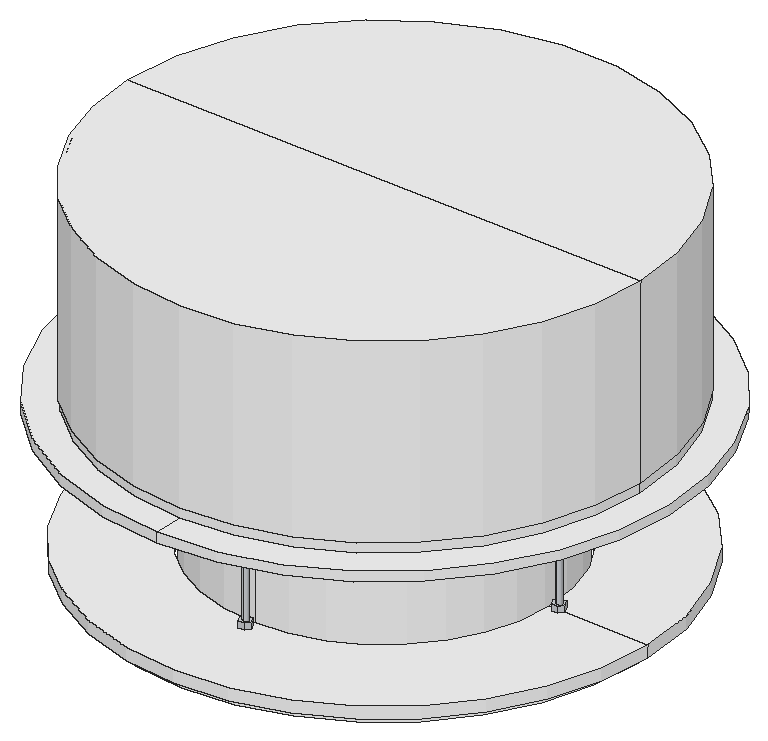
Revit family "R1200-JD-M-G5H-W31H4", category Plumbing Fixtures, host Face, Revit 2026
Family settings
  Host = Face
  Round Connector Dimension = Use Radius
  Part Type = Normal
  Enable Cutting in Views = No
  Cut with Voids When Loaded = No
  Maintain Annotation Orientation = No
  Shared = No
  Room Calculation Point = No
Parameters (values of type "R1202,3,4-JD-M-G5H-W31H4 _4" Drain Pipe Size")
  WFU = 0
  URL = "WWW.MIFAB.COM"
  Pipe Radius = Pipe Diameter / 2  # 0' - 2"
  Pipe Diameter = 0' - 4"
  No Hub Standard Height = 0' - 6 1/2"
  Model = "R1202,3,4-JD-M-G5H-W31H4"
  Manufacturer = "MIFAB"
  Floor Drain Material = Paint - Sherwin Williams Paint - #952C2A - Bellwood Red
  Description = "LARGE GREEN ROOF DRAIN WITH PERFORATED S.S. 5\" HIGH BALLAST GUARD, ABS STANDPIPE AND REMOVABLE COVER WITH LIFT HANDLE"
  Default Elevation = 0' - 0"
  CWFU = 0
  Bottom Height = 0' - 3 1/2"
  Assembly Code = ""
Types (7): name | Pipe Radius | Pipe Diameter | No Hub Standard Height | Model
  (no name) | 0' - 2" | 0' - 4" | 0' - 6 1/2" | "R1202,3,4-JD-M-G5H-W31H4"
  R1205,6-JD-M-G5H-W31H4 _6" Drain Pipe Size | 0' - 3" | 0' - 6" | 0' - 6 1/2" | "R1205,6-JD-M-G5H-W31H4"
  R1208-JD-M-G5H-W31H4_8" Drain Pipe Size | 0' - 4" | 0' - 8" | 0' - 6 1/2" | "R1208-JD-M-G5H-W31H4"
  R1205,6-JD-M-G5H-W31H4 _5" Drain Pipe Size | 0' - 2 1/2" | 0' - 5" | 0' - 6 3/4" | "R1205,6-JD-M-G5H-W31H4"
  R1202,3,4-JD-M-G5H-W31H4 _4" Drain Pipe Size | 0' - 2" | 0' - 4" | 0' - 6 1/2" | "R1202,3,4-JD-M-G5H-W31H4"
  R1202,3,4-JD-M-G5H-W31H4 _3" Drain Pipe Size | 0' - 1 1/2" | 0' - 3" | 0' - 6 1/2" | "R1202,3,4-JD-M-G5H-W31H4"
  R1202,3,4-JD-M-G5H-W31H4 _2" Drain Pipe Size | 0' - 1" | 0' - 2" | 0' - 6 1/2" | "R1202,3,4-JD-M-G5H-W31H4"
Reference planes (in)
  plane 1 "Center (Front/Back)": y = 0
  plane 2: z = 0
  plane 3 "Center (Left/Right)": x = 0
  plane 4: z = -7.25
  plane 5: z = -3
  plane 6: z = -5
  plane 7: y = -2
  plane 8: y = 2
  plane 9: x = -2.5
  plane 10: x = 2.5
  plane 11: z = 5
  plane 12: x = 7.5
  plane 13: x = -7.5
  plane 14: y = 7.5
  plane 15: y = -7.5
  plane 16: z = -5.14286
  plane 17: z = -0.25
  plane 18: z = -6.5
  plane 19: y = 3.75
  plane 20: y = -3.75
  plane 21: y = 4.8125
  plane 22: y = -4.8125
  plane 23: x = 6.23869
  plane 24: x = 6.75
  plane 25: x = -6.75
  plane 26: z = 4.5
  plane 27: z = -3.5
  plane 28: z = -4.26379
  plane 29: z = 4
Forms (in)
  Revolve 1, solid, material "Paint - Sherwin Williams Paint - #952C2A - Bellwood Red" <- "Floor Drain Material"
    sketch origin (0, 0.04396, -2.375) x (0, 1, 0) y (0, 0, 1)
      loop
        line (-4.16896, 2.375) -> (-7.54396, 2.375) -> (-7.54396, 2.125) -> (-4.85646, 2.125) -> (-4.85646, 1.375) -> (-4.29396, 1.375) -> (-4.29396, -2.0625) -> (-2.04396, -2.0625) -> (-2.04396, -4.125) -> (-1.79396, -4.125) -> (-1.79396, -1.8125) -> (-3.66896, -1.8125) -> (-3.66896, -0.625) -> (-4.16896, -0.625) -> (-4.16896, 2.375)
      axis (-0.04396, 2.375) -> (-0.04396, -4.125)
    angle from 0 to 360
  Revolve 2, solid, material "Paint - Sherwin Williams Paint - #952C2A - Bellwood Red" <- "Floor Drain Material"
    sketch origin (0, 0, 7.5) x (1, 0, 0) y (0, 0, 1)
      loop
        line (6.75, -2.5) -> (0, -2.5) -> (0, -2.56366) -> (6.68634, -2.56366) -> (6.68634, -7.25) -> (6.75, -7.25) -> (6.75, -2.5)
      axis (0, -7.25) -> (0, -2.5)
    angle from 0 to 360
  Revolve 3, solid, material "Paint - Sherwin Williams Paint - #952C2A - Bellwood Red" <- "Floor Drain Material"
    sketch origin (0, 0, 0) x (1, 0, 0) y (0, 0, 1)
      loop
        line (6.72286, 0) -> (6.72286, 0.25) -> (6.46702, 0.25) -> (6.46702, 0.57791) -> (6.17015, 0.57791) -> (6.17015, 0.25) -> (5.47336, 0.25) -> (4.30025, 3.65696)
        arc (4.30025, 3.65696) -> (3.84423, 4.26764) -> (3.11835, 4.5) r 1.25
        line (3.11835, 4.5) -> (0, 4.5) -> (0, 4.25) -> (3.11835, 4.25)
        arc (3.11835, 4.25) -> (3.69905, 4.06412) -> (4.06387, 3.57557) r 1
        line (4.06387, 3.57557) -> (5.20895, 0.25) -> (2.46702, 0.25) -> (2.46702, 0.57791) -> (2.17015, 0.57791) -> (2.17015, 0) -> (6.72286, 0)
      loop
        line (2.13281, 0) -> (2.22396, 4) -> (1.96926, 4) -> (1.96926, 0) -> (2.13281, 0)
      axis (0, 0) -> (0, 4.5)
    angle from 0 to 360
  Revolve 4, solid, material "Paint - Sherwin Williams Paint - #952C2A - Bellwood Red" <- "Floor Drain Material"
    sketch origin (0, 0, 0) x (1, 0, 0) y (0, 0, 1)
      loop
        line (6.9375, -3.5) -> (4.35041, -3.5) -> (4.35041, -4.01379) -> (5.35041, -4.01379) -> (5.35041, -4.26379) -> (5.85041, -4.26379) -> (5.85041, -4.01379) -> (6.6875, -4.01379) -> (6.6875, -3.80633) -> (6.9375, -3.80633) -> (6.9375, -3.5)
      axis (0, -4.26379) -> (0, -3.5)
    angle from 0 to 360
Lines and regions (in)
  model lines, not visible
    curve 1: line (6.7156, 0, 9.07611) -> (12.5156, 0, 9.07611)
    curve 2: line (12.5156, 0, 9.07611) -> (12.5156, 0, 10.82611)
    curve 3: line (12.5156, 0, 10.82611) -> (6.7156, 0, 10.82611)
    curve 4: line (6.7156, 0, 10.82611) -> (6.7156, 0, 9.07611)
    curve 5: line (7.13163, 0, 10.86539) -> (7.13163, 0, 12.86539)
    curve 6: line (7.13163, 0, 12.86539) -> (15.53163, 0, 12.86539)
    curve 7: line (15.53163, 0, 12.86539) -> (15.53163, 0, 10.86539)
    curve 8: line (11.33163, 0, 12.86539) -> (11.33163, 0, 12.36539)
    curve 9: line (0, 28.52778, -10.8585) -> (0, 28.52778, -8.6085)
    curve 10: line (0, 28.52778, -8.6085) -> (0, 21.02778, -8.6085)
    curve 11: line (0, 21.02778, -8.6085) -> (0, 21.02778, -10.8585)
    curve 12: line (0, 24.77778, -8.6085) -> (0, 24.77778, -9.1085)
    curve 13: line (13.30546, 0, 10.44272) -> (13.30546, 0, 12.69272)
    curve 14: line (13.30546, 0, 12.69272) -> (26.80546, 0, 12.69272)
    curve 15: line (26.80546, 0, 12.69272) -> (26.80546, 0, 10.44272)
    curve 16: line (20.05546, 0, 12.69272) -> (20.05546, 0, 13.19272)
Dimensions and locks (in)
  locked: plane 5 to plane 4 at 4.25
  equal spacing: plane 8, plane 1 "Center (Front/Back)", plane 7
  "Pipe Diameter": plane 8 to plane 7
  "Pipe Radius": plane 1 "Center (Front/Back)" to plane 7
  plane 11 to level = 0' - 5"
  plane 13 to plane 3 "Center (Left/Right)" to plane 12 = 0' - 7 1/2" locked, 0' - 7 1/2" locked
  plane 13 to plane 12 = 1' - 3"  (x3)
  plane 15 to plane 1 "Center (Front/Back)" to plane 14 = 0' - 7 1/2" locked, 0' - 7 1/2" locked
  plane 15 to plane 14 = 1' - 3"
  locked: plane 2 to plane 17 at 0.25
  "No Hub Standard Height": plane 2 to plane 18
  equal spacing: plane 19, plane 1 "Center (Front/Back)", plane 20
  plane 19 to plane 20 = 0' - 7 1/2"
  locked: Revolve 1 sketch curve to plane 15 at 2.6875
  plane 21 to plane 22 = 0' - 9 5/8"
  locked: plane 6 to plane 18 at 1.5
  Revolve 1 sketch curve to plane 22 = 0' - 0 9/16"
  locked: plane 11 to plane 2 at 5
  plane 26 to level = 0' - 4 1/2"
  locked: plane 27 to plane 28 at 0.76379
  "Bottom Height": plane 2 to plane 27
  locked: plane 29 to level at 4
  aligned and locked: plane 2 to host face
  aligned and locked: level to host face
  aligned and locked: Revolve 1 sketch curve to plane 18
  aligned and locked: plane 17 to Revolve 1 sketch curve
  aligned and locked: plane 15 to Revolve 1 sketch curve
  aligned and locked: Revolve 2 sketch curve to plane 11
  aligned and locked: plane 3 "Center (Left/Right)" to Revolve 2 sketch curve
  aligned and locked: plane 27 to Revolve 4 sketch curve
  aligned and locked: plane 28 to Revolve 4 sketch curve
  aligned and locked: plane 1 "Center (Front/Back)" to nested 1
  aligned and locked: nested 1 to Revolve 1
  aligned and locked: nested 2 to Revolve 1
  aligned and locked: nested 3 to Revolve 1
  aligned and locked: nested 4 to Revolve 1
  aligned and locked: nested 2 to plane 1 "Center (Front/Back)"
  aligned and locked: plane 3 "Center (Left/Right)" to nested 4
  aligned and locked: plane 3 "Center (Left/Right)" to nested 3
Automatic sketch dimensions
  curve 5 to curve 7 = 0' - 8.4"
  curve 5 to curve 8 = 0' - 4.2"
  curve 5 to curve 5 = 0' - 2"
  curve 7 to curve 6 = 0' - 2"
  curve 8 to curve 8 = 0' - 0 1/2"
  host sketch curve to host sketch curve = 8' - 0"  (x2)
  Revolve 1 sketch curve to plane 5 = 0' - 0"
  Revolve 1 sketch curve to level = 0' - 0"
  plane 20 to Revolve 1 sketch curve = 0' - 0 1/8"
  Revolve 1 sketch curve to plane 7 = 0' - 0"
  Revolve 1 sketch curve to plane 1 "Center (Front/Back)" = 0' - 0"
  Revolve 1 sketch curve to plane 4 = 0' - 0"
  plane 6 to Revolve 1 sketch curve = 0' - 0 9/16"
  Revolve 1 sketch curve to plane 20 = 0' - 0 3/8"
  Revolve 1 sketch curve to plane 7 = 0' - 0 1/4"
  plane 6 to Revolve 1 sketch curve = 0' - 0 13/16"
  Revolve 1 sketch curve to plane 17 = 0' - 0 3/4"
  Revolve 1 sketch curve to plane 5 = 0' - 0 1/4"
  Revolve 2 sketch curve to plane 3 "Center (Left/Right)" = 0' - 0"
  Revolve 2 sketch curve to plane 24 = 0' - 0"
  Revolve 2 sketch curve to plane 26 = 0' - 0"
  level to Revolve 2 sketch curve = 0' - 0 1/4"
  Revolve 2 sketch curve to plane 24 = 0' - 0.06366"
  Revolve 2 sketch curve to plane 26 = 0' - 0 1/2"
  Revolve 2 sketch curve to plane 11 = 0' - 0.06366"
  Revolve 4 sketch curve to plane 3 "Center (Left/Right)" = 0' - 0"
  Revolve 4 sketch curve to plane 10 = 0' - 1.85041"
  Revolve 4 sketch curve to plane 23 = 0' - 0.88828"
  Revolve 4 sketch curve to plane 23 = 0' - 0.38828"
  Revolve 4 sketch curve to plane 24 = 0' - 0 1/16"
  plane 24 to Revolve 4 sketch curve = 0' - 0 3/16"
  Revolve 4 sketch curve to Revolve 4 sketch curve = 0' - 0 1/4"  (x2)
  Revolve 4 sketch curve to Revolve 4 sketch curve = 0' - 0.20746"
  plane 11 to Revolve 4 sketch curve = 0' - 11.79464"
  Revolve 4 sketch curve to Revolve 4 sketch curve = 0' - 2 1/4"
  Revolve 3 sketch curve to Revolve 3 sketch curve = 0' - 0"  (x2)
  Revolve 3 sketch curve to plane 3 "Center (Left/Right)" = 0' - 0"  (x2)
  Revolve 3 sketch curve to level = 0' - 0"  (x2)
  Revolve 3 sketch curve to plane 29 = 0' - 0"
  Revolve 3 sketch curve to plane 26 = 0' - 0"
  plane 10 to Revolve 3 sketch curve = 0' - 0.53074"
  Revolve 3 sketch curve to Revolve 3 sketch curve = 0' - 0.16355"
  plane 10 to Revolve 3 sketch curve = 0' - 0.32985"
  plane 10 to Revolve 3 sketch curve = 0' - 0.03298"
  Revolve 3 sketch curve to plane 10 = 0' - 0.61835"
  Revolve 3 sketch curve to plane 29 = 0' - 0.42443"
  Revolve 3 sketch curve to Revolve 3 sketch curve = 0' - 0.94552"
  Revolve 3 sketch curve to plane 29 = 0' - 0.34304"
  Revolve 3 sketch curve to Revolve 3 sketch curve = 0' - 0.23638"
  level to Revolve 3 sketch curve = 0' - 0 1/4"  (x3)
  Revolve 3 sketch curve to plane 23 = 0' - 1.02973"
  Revolve 3 sketch curve to Revolve 3 sketch curve = 0' - 0.26441"
  Revolve 3 sketch curve to plane 23 = 0' - 0.06854"
  plane 23 to Revolve 3 sketch curve = 0' - 0.22834"
  Revolve 3 sketch curve to plane 24 = 0' - 0.02714"
  Revolve 3 sketch curve to Revolve 3 sketch curve = 0' - 0.32791"  (x2)
  Revolve 3 sketch curve to Revolve 3 sketch curve = 0' - 0.25469"
  plane 11 to Revolve 3 sketch curve = 0' - 2.65404"
  Revolve 3 sketch curve to Revolve 3 sketch curve = 0' - 1 3/4"
Nested families (in)
  nested 1: "Bolt1" at (-4.55567, 0, -4.01379), type "Bolt1"
    with Height 0' - 3.01379"
  nested 2: "Bolt1" at (4.58798, 0, -4.01379) x (0, 1, 0) z (0, 0, 1), type "Bolt1"
    with Height 0' - 3.01379"
  nested 3: "Bolt1" at (0, 4.57488, -4.01379) x (0, 1, 0) z (0, 0, 1), type "Bolt1"
    with Height 0' - 3.01379"
  nested 4: "Bolt1" at (0, -4.57063, -4.01379) x (0, 1, 0) z (0, 0, 1), type "Bolt1"
    with Height 0' - 3.01379"
Connectors (in)
  piping at (0, 0, -6.5), diameter 4, driven by "Pipe Radius", driven by "WFU"
    settings: on Revolve 1, index 2, connector inside diameter 2", connector length 0' - 0", flow factor 0, pipe flow 0 GPM, pressure drop 0.00 psi, fitting loss kfactor 0, connector angle 0.00°, fixture units 0, engagement length 0' - 0", angle of deflection 0.00°, flow configuration 3, flow direction 2, fitting loss method 0, system type 16, joint type 0, gender type 0, connector reference index -1, connector utility 0, adjustable connector no, is connector primary yes, connector description "Sanitary Out"
Definition of nested family "Bolt1"
  Parameters (values of type "Bolt1")
    Material = none
    Height [instance] = 1' - 1.38583"
    Default Elevation = 4' - 0"
  Reference planes (in)
    plane 1 "Center (Front/Back)": y = 0
    plane 2: z = 0
    plane 3 "Center (Left/Right)": x = 0
    plane 4: z = 13.38583
    plane 5: z = 0.51562
    plane 6: z = 0.67452
  Forms (in)
    Extrusion 1, solid
      sketch origin (0, 0, 0) x (1, 0, 0) y (0, 1, 0)
        loop
          line (-48, 48) -> (-48, -48) -> (48, -48) -> (48, 48) -> (-48, 48)
      from 0 to -12
    Revolve 2, solid, material <- "Material"
      sketch origin (0, 0, 0) x (1, 0, 0) y (0, 0, 1)
        loop
          line (0, 13.38583) -> (0, -0.33562) -> (0.11073, -0.33562) -> (0.11073, -0.09843) -> (0.20961, -0.09843) -> (0.20961, 0) -> (0.07382, 0) -> (0.07382, 12.93209) -> (0.11234, 12.93209)
          arc (0.11234, 12.93209) -> (0.14919, 12.94735) -> (0.16446, 12.9842) r 0.05211
          line (0.16446, 12.9842) -> (0.16446, 13.38583) -> (0, 13.38583)
        axis (0, -0.33562) -> (0, 13.38583)
      angle from 0 to 360
    Extrusion 3, solid, material <- "Material"
      sketch origin (0, 0, 0) x (1, 0, 0) y (0, 1, 0)
        loop
          line (0, 0.16446) -> (-0.14242, 0.08223) -> (-0.14242, -0.08223) -> (0, -0.16446) -> (0.14242, -0.08223) -> (0.14242, 0.08223) -> (0, 0.16446)
      from 0.51562 to 0.67452
  Dimensions and locks (in)
    "Height": plane 4 to plane 2
    aligned and locked: plane 2 to Extrusion 1
    aligned and locked: level to Extrusion 1
    aligned and locked: Revolve 2 sketch curve to plane 3 "Center (Left/Right)"
    aligned and locked: Extrusion 1 to Revolve 2 sketch curve
    aligned and locked: Extrusion 3 to plane 5
    aligned and locked: plane 6 to Extrusion 3
  Automatic sketch dimensions
    Extrusion 1 sketch curve to Extrusion 1 sketch curve = 8' - 0"  (x2)
    Revolve 2 sketch curve to plane 3 "Center (Left/Right)" = 0' - 0"
    Revolve 2 sketch curve to plane 4 = 0' - 0"
    plane 3 "Center (Left/Right)" to Revolve 2 sketch curve = 0' - 0.07382"
    Revolve 2 sketch curve to Revolve 2 sketch curve = 0' - 0.11073"
    Revolve 2 sketch curve to Revolve 2 sketch curve = 0' - 0.03852"
    plane 3 "Center (Left/Right)" to Revolve 2 sketch curve = 0' - 0.16446"
    Revolve 2 sketch curve to Revolve 2 sketch curve = 0' - 0.13579"
    Revolve 2 sketch curve to level = 0' - 0.09843"
    Revolve 2 sketch curve to Revolve 2 sketch curve = 0' - 0.23719"
    Revolve 2 sketch curve to plane 4 = 0' - 0.45374"
    Revolve 2 sketch curve to Revolve 2 sketch curve = 0' - 5.38878"
    Revolve 2 sketch curve to Revolve 2 sketch curve = 0' - 5.51181"
